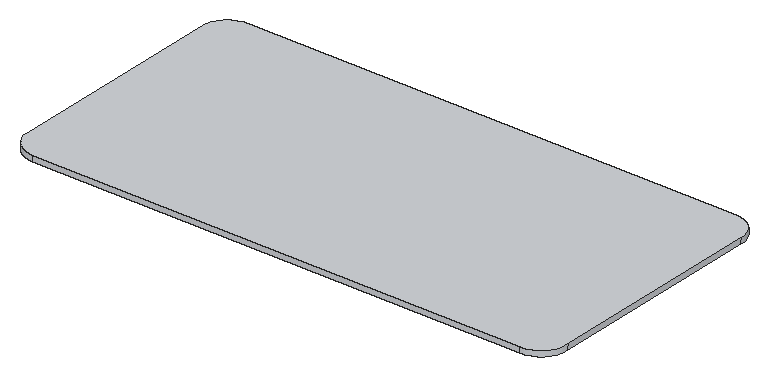
Revit family "Sample SL-Legand.Hatch Material Family", category Generic Models, Revit 2018
Family settings
  Can host rebar = No
  Round Connector Dimension = Use Diameter
  Part Type = Normal
  Work Plane-Based = No
  Always vertical = Yes
  Cut with Voids When Loaded = No
  Shared = No
  Room Calculation Point = No
Parameters
  With Fillet = Fillet Radius > 0.000 m  # yes
  Width = 1.000 m
  Thickness = 0.010 m
  No Fillet = not(With Fillet)  # no
  Material = none
  Fillet Radius Fix = if(Fillet Radius = 0.000 m, 0.001 m, Fillet Radius)  # 0.050 m
  Fillet Radius = 0.050 m
  Depth = 0.500 m
Reference planes (m)
  plane 1 "Center (Front/Back)": y = 0
  plane 2: z = 0
  plane 3 "Center (Left/Right)": x = 0
  plane 4: x = -0.5
  plane 5: x = 0.5
  plane 6: y = 0.25
  plane 7: y = -0.25
  plane 8: z = 0.01
Forms (m)
  Extrusion 1, solid, material <- "Material", visible <- "With Fillet"
    sketch origin (0, 0, 0) x (1, 0, 0) y (0, 1, 0)
      loop
        arc (-0.45, 0.25) -> (-0.485355, 0.235355) -> (-0.5, 0.2) r 0.05
        line (-0.5, 0.2) -> (-0.5, -0.2)
        arc (-0.5, -0.2) -> (-0.485355, -0.235355) -> (-0.45, -0.25) r 0.05
        line (-0.45, -0.25) -> (0.45, -0.25)
        arc (0.45, -0.25) -> (0.485355, -0.235355) -> (0.5, -0.2) r 0.05
        line (0.5, -0.2) -> (0.5, 0.2)
        arc (0.5, 0.2) -> (0.485355, 0.235355) -> (0.45, 0.25) r 0.05
        line (0.45, 0.25) -> (-0.45, 0.25)
    from 0 to 0.01
  Extrusion 2, solid, visible <- "No Fillet"
    sketch origin (0, 0, 0) x (1, 0, 0) y (0, 1, 0)
      loop
        line (-0.5, 0.25) -> (-0.5, -0.25) -> (0.5, -0.25) -> (0.5, 0.25) -> (-0.5, 0.25)
    from 0 to 0.01
Dimensions and locks (m)
  equal spacing: plane 6, plane 1 "Center (Front/Back)", plane 7
  equal spacing: plane 4, plane 3 "Center (Left/Right)", plane 5
  "Width": plane 4 to plane 5
  "Depth": plane 6 to plane 7
  "Thickness": plane 8 to plane 2
  "Fillet Radius Fix": radius of Extrusion 1 sketch curve  (x4)
  aligned and locked: level to plane 2
  aligned and locked: plane 4 to Extrusion 1 sketch curve
  aligned and locked: plane 7 to Extrusion 1 sketch curve
  aligned and locked: Extrusion 1 sketch curve to plane 5
  aligned and locked: Extrusion 1 sketch curve to plane 6
  aligned and locked: plane 8 to Extrusion 1
  aligned and locked: plane 4 to Extrusion 2 sketch curve
  aligned and locked: Extrusion 2 sketch curve to plane 5
  aligned and locked: plane 7 to Extrusion 2 sketch curve
  aligned and locked: Extrusion 2 sketch curve to plane 6
  aligned and locked: plane 8 to Extrusion 2
